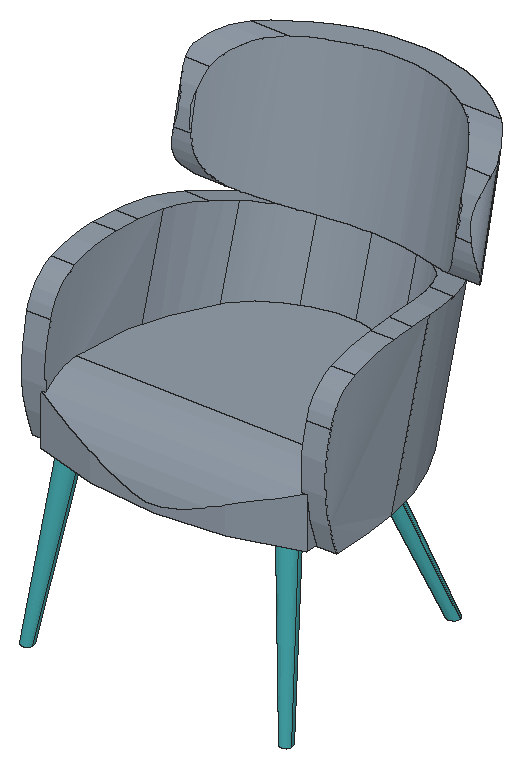
Revit family "FU_Chair_Sandler_SOFIA 2-1", category Furniture, Revit 2020
Family settings
  OmniClass Number = 23.21.23.15.17
  Work Plane-Based = Yes
  Always vertical = No
  Cut with Voids When Loaded = No
  Shared = No
  Room Calculation Point = No
Parameters (values of type "SOFIA 2.1")
  Youtube clip = ""
  Uniformat II Description = "Movable Furnishings"
  Uniformat II Code = ""
  Uniclass 2015 Name = ""
  Uniclass 2015 Code = ""
  Uniclass 2.0 Description = ""
  Uniclass 2.0 Code = ""
  Uniclass 1.4 Description = ""
  Uniclass 1.4 Code = ""
  UNSPSC Code = ""
  Technical description = ""
  Shell Material = Fabric - Gravity - Frozen CPC27
  Frame Material = Wood - Beech - 5018 Turquoise Blue
  401D = no
  Region South America = "All"
  Region Oceania = "All"
  Region North America = "All"
  Region Middle East = "All"
  Region Europe = "All"
  Region Asia = "All"
  Region Antarctica = "All"
  Region Africa = "All"
  QR code = "https://www.sandlerseating.com/product/sofia-2-1/"
  Product url = "https://www.sandlerseating.com/product/sofia-2-1/"
  Product name = "SOFIA 2.1"
  Product group = "Chair"
  Product family = "Furniture"
  Product data url = "https://www.sandlerseating.com/product/sofia-2-1/"
  Product certification = ""
  Product SKU = "??"
  Product Guid = "??"
  OmniClass Description = ""
  OmniClass Code = "23-21 23 15 17"
  NBS Reference Description = ""
  NBS Reference Code = ""
  Model = "SOFIA 2.1"
  Masterformat 2014 Description = "Chair Mats"
  Masterformat 2014 Code = "12 48 43.13"
  Manufacturer name = "Sandler"
  Manufacturer country = "USA"
  Manufacturer = "Sandler"
  401G = no
  Installation instructions = ""
  IFC Classification = "Furnishing Element"
  GTIN code = ""
  Edition number = 1
  Design country = "Brasil"
  Description = "Chair"
  Default Elevation = 1219.200 mm
  Date of publishing = ""
  COBIe Type Category = ""
  Brand url = "https://www.sandlerseating.com/"
  BIMobject main category code = "furniture"
  BIMobject main category = "Furniture"
  BIMobject category code = "furniture-chair"
  BIMobject category = "Chair"
Reference planes
  plane 1 "Center Front/Back": y = 0
  plane 2: z = 0
  plane 3 "Center Left/Right": x = 0
  plane 4: z = 890
  plane 5: z = 337.053
Dimensions and locks
  aligned and locked: level to plane 2
Nested families
  nested 1: "BS01 - SOFIA 2.1" at (-0.079, -57.803, 0), Frame Material <- "Frame Material", type "BS01 - SOFIA 2.1"
    with Seat Material none, Frame Material Wood - Beech - 5018 Turquoise Blue
  nested 2: "SOFIA 2-2 Seat" at (0, 0, 0), Seat Material <- "Shell Material", type "SOFIA 2-2 Seat"
    with Seat Material Fabric - Gravity - Frozen CPC27
Definition of nested family "BS01 - SOFIA 2.1"
  Parameters (values of type "BS01 - SOFIA 2.1")
    Seat Material [instance] = none
    Frame Material [instance] = none
    Default Elevation = 0.000 mm
  Reference planes
    plane 1 "Center (Front/Back)": y = 0
    plane 2: z = 0
    plane 3 "Center (Left/Right)": x = 0
    plane 4: z = 890
  Forms (mm)
    Blend 1, solid, material <- "Frame Material"
      base sketch origin (0, 0, 0) x (1, 0, 0) y (0, 1, 0)
        loop
          circle (-226.774, -226.102) r 21.543
      top sketch origin (0, 0, 0) x (1, 0, 0) y (0, 1, 0)
        loop
          circle (-267.029, -283.557) r 11.993
      from 338 to 0
    Blend 2, solid, material <- "Frame Material"
      base sketch origin (0, 0, 0) x (1, 0, 0) y (0, 1, 0)
        loop
          circle (-155.821, 76.163) r 19.713
      top sketch origin (0, 0, 0) x (1, 0, 0) y (0, 1, 0)
        loop
          circle (-215.093, 213.82) r 12.357
      from 338 to 0
    Blend 3, solid, material <- "Frame Material"
      base sketch origin (0, 0, 0) x (1, 0, 0) y (0, 1, 0)
        loop
          circle (226.774, -226.102) r 21.543
      top sketch origin (0, 0, 0) x (1, 0, 0) y (0, 1, 0)
        loop
          circle (267.029, -283.557) r 11.993
      from 338 to 0
    Blend 4, solid, material <- "Frame Material"
      base sketch origin (0, 0, 0) x (1, 0, 0) y (0, 1, 0)
        loop
          circle (155.821, 76.163) r 19.713
      top sketch origin (0, 0, 0) x (1, 0, 0) y (0, 1, 0)
        loop
          circle (215.093, 213.82) r 12.357
      from 338 to 0
  Dimensions and locks
    aligned and locked: level to plane 2
Definition of nested family "SOFIA 2-2 Seat"
  Parameters (values of type "SOFIA 2-2 Seat")
    Seat Material [instance] = none
    Frame Material = none
    Default Elevation = 0.000 mm
  Reference planes
    plane 1 "Center (Front/Back)": y = 0
    plane 2: z = 0
    plane 3 "Center (Left/Right)": x = 0
    plane 4: x = -315
    plane 5: x = 315
    plane 6: y = 330.789
    plane 7: y = -349.211
  Forms (mm)
    Blend 1, solid, material <- "Seat Material"
      base sketch origin (0, -39.51, 89.36) x (-1, 0, 0) y (0, -1, 0)
        loop
          arc (0, -223.719) -> (119.491, -202.313) -> (222.237, -137.663) r 317.787
          arc (222.237, -137.663) -> (274.135, -37.259) -> (301.565, 72.387) r 488.426
          arc (301.565, 72.387) -> (313.106, 215.254) -> (310.737, 358.568) r 1476.182
          line (310.737, 358.568) -> (262.31, 354.453)
          arc (262.31, 354.453) -> (264.249, 210.287) -> (252.114, 66.619) r 1476.182
          arc (252.114, 66.619) -> (234.624, -7.724) -> (202.998, -77.241) r 390.499
          arc (202.998, -77.241) -> (160.371, -127.036) -> (102.741, -158.266) r 180
          arc (102.741, -158.266) -> (52.006, -170.22) -> (0, -173.719) r 317.787
          arc (0, -173.719) -> (-52.006, -170.22) -> (-102.741, -158.266) r 317.787
          arc (-102.741, -158.266) -> (-160.371, -127.036) -> (-202.998, -77.241) r 180
          arc (-202.998, -77.241) -> (-234.624, -7.724) -> (-252.114, 66.619) r 390.499
          arc (-252.114, 66.619) -> (-264.249, 210.287) -> (-262.31, 354.453) r 1476.182
          line (-262.31, 354.453) -> (-310.737, 358.568)
          arc (-310.737, 358.568) -> (-313.106, 215.254) -> (-301.565, 72.387) r 1476.182
          arc (-301.565, 72.387) -> (-274.135, -37.259) -> (-222.237, -137.663) r 488.426
          arc (-222.237, -137.663) -> (-119.491, -202.313) -> (0, -223.719) r 317.787
      top sketch origin (0, -39.51, 89.36) x (-1, 0, 0) y (0, -1, 0)
        loop
          arc (0.29, -322.715) -> (119.781, -301.309) -> (222.528, -236.659) r 317.787
          arc (222.528, -236.659) -> (274.425, -136.255) -> (301.855, -26.61) r 488.426
          arc (301.855, -26.61) -> (313.396, 116.258) -> (311.028, 259.571) r 1476.182
          line (311.028, 259.571) -> (262.601, 255.457)
          arc (262.601, 255.457) -> (264.539, 111.29) -> (252.405, -32.378) r 1476.182
          arc (252.405, -32.378) -> (234.914, -106.721) -> (203.288, -176.238) r 390.499
          arc (203.288, -176.238) -> (160.662, -226.032) -> (103.031, -257.262) r 180
          arc (103.031, -257.262) -> (52.297, -269.216) -> (0.29, -272.715) r 317.787
          arc (0.29, -272.715) -> (-51.716, -269.216) -> (-102.451, -257.262) r 317.787
          arc (-102.451, -257.262) -> (-160.081, -226.032) -> (-202.708, -176.238) r 180
          arc (-202.708, -176.238) -> (-234.334, -106.721) -> (-251.824, -32.378) r 390.499
          arc (-251.824, -32.378) -> (-263.959, 111.29) -> (-262.02, 255.457) r 1476.182
          line (-262.02, 255.457) -> (-310.447, 259.571)
          arc (-310.447, 259.571) -> (-312.816, 116.258) -> (-301.274, -26.61) r 1476.182
          arc (-301.274, -26.61) -> (-273.844, -136.255) -> (-221.947, -236.659) r 488.426
          arc (-221.947, -236.659) -> (-119.201, -301.309) -> (0.29, -322.715) r 317.787
      from 247.693 to 585.64
    Extrusion 2, void
      sketch origin (0, -10.643, -151.648) x (0, 1, 0) y (0, 0, 1)
        loop
          line (325.643, 740.401) -> (325.643, 881.648) -> (-436.418, 881.648) -> (-436.418, 488.7) -> (-257.779, 488.7)
          arc (-257.779, 488.7) -> (-286.79, 605.618) -> (-273.62, 725.36) r 343.256
          arc (-273.62, 725.36) -> (-250.678, 770.175) -> (-209.086, 798.544) r 101.934
          arc (-209.086, 798.544) -> (-158.182, 812.183) -> (-105.682, 816.777) r 302.335
          line (-105.682, 816.777) -> (-52.511, 816.777)
          arc (-52.511, 816.777) -> (18.783, 812.416) -> (89.014, 799.4) r 585
          line (89.014, 799.4) -> (325.643, 740.401)
      from -384.131 to 382.943
    Blend 3, solid, material <- "Seat Material"
      base sketch origin (0, -298.424, 227.017) x (-1, 0, 0) y (0, -0.956305, 0.292372)
        loop
          arc (313.553, -254.218) -> (305.844, -222.943) -> (273.654, -224.107) r 25.53
          arc (273.654, -224.107) -> (0, -375.019) -> (-273.654, -224.107) r 323.57
          arc (-273.654, -224.107) -> (-305.844, -222.943) -> (-313.553, -254.218) r 25.53
          arc (-313.553, -254.218) -> (0, -424.999) -> (313.553, -254.218) r 373.231
      top sketch origin (0, -298.424, 227.017) x (-1, 0, 0) y (0, -0.956305, 0.292372)
        loop
          arc (313.553, -229.218) -> (305.844, -197.943) -> (273.654, -199.107) r 25.53
          arc (273.654, -199.107) -> (0, -350.019) -> (-273.654, -199.107) r 323.57
          arc (-273.654, -199.107) -> (-305.844, -197.943) -> (-313.553, -229.218) r 25.53
          arc (-313.553, -229.218) -> (0, -399.999) -> (313.553, -229.218) r 373.231
      from 500.187 to 857.503
    Extrusion 4, void
      sketch origin (0, -3.204, -170.018) x (0, 1, 0) y (0, 0, 1)
        loop
          line (473.204, 1076.391) -> (473.204, 1280.018) -> (-53.915, 1280.018) -> (-73.293, 725.116) -> (398.821, 683.338) -> (398.821, 744.418) -> (300.761, 744.418) -> (244.623, 775.65)
          arc (244.623, 775.65) -> (181.957, 792.882) -> (125.97, 825.89) r 246.553
          arc (125.97, 825.89) -> (97.72, 870.415) -> (91.642, 922.795) r 118.217
          arc (91.642, 922.795) -> (102.164, 980.329) -> (129.818, 1031.866) r 188.465
          arc (129.818, 1031.866) -> (174.098, 1062.729) -> (226.316, 1076.391) r 153.787
          line (226.316, 1076.391) -> (473.204, 1076.391)
      from -371.407 to 380.67
    Extrusion 5, solid, material <- "Seat Material"
      sketch origin (0, -39.51, 89.36) x (-1, 0, 0) y (0, -1, 0)
        loop
          arc (-274.07, 257.779) -> (-256.084, 69.132) -> (-183.806, -106.045) r 641.96
          arc (-183.806, -106.045) -> (0, -190.906) -> (183.806, -106.045) r 241.488
          arc (183.806, -106.045) -> (256.084, 69.132) -> (274.07, 257.779) r 641.96
          arc (274.07, 257.779) -> (0, 309.701) -> (-274.07, 257.779) r 749.289
      from 250 to 391.22
    Extrusion 6, void
      sketch origin (0, -39.51, -149.341) x (0, 1, 0) y (0, 0, 1)
        loop
          arc (-310.888, 490.961) -> (-260.653, 593.485) -> (-152.86, 631.108) r 150.263
          line (-152.86, 631.108) -> (-152.86, 699.92) -> (-347.86, 699.92) -> (-347.86, 490.961) -> (-310.888, 490.961)
      from -346.484 to 310.085
  Cuts and joins
    Extrusion 6 cuts Extrusion 5
    Extrusion 2 cuts Blend 1
    Extrusion 4 cuts Blend 3
  Dimensions and locks
    plane 4 to plane 3 "Center (Left/Right)" to plane 5 = 315.000 mm, 315.000 mm
    plane 6 to plane 7 = 680.000 mm
    aligned and locked: level to plane 2
